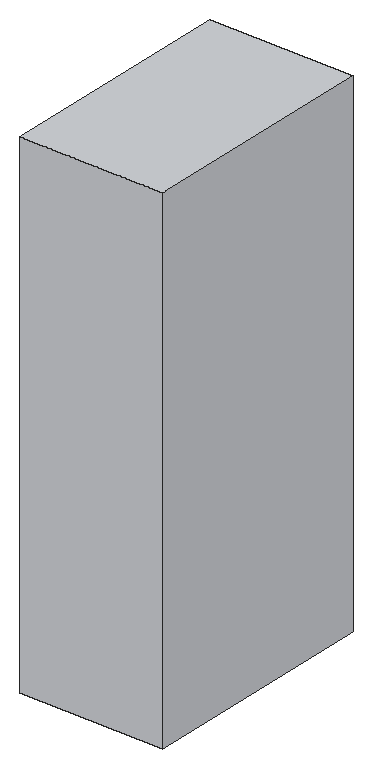
Revit family "第二期車站09_RTU機櫃_600x1000x2100", category 電氣設備, Revit 2025
Family settings
  面板規劃 = 兩欄，回路穿越
  圓形接點標註 = 使用直徑
  組件類型 = 分電盤
  OmniClass 編號 = 23.80.30.11.17
  OmniClass 標題 = Distribution Boards and Control Panels
  以工作平面為基礎 = 否
  總是垂直 = 是
  載入時使用空心切割 = 否
  維持標註方位 = 否
  共用 = 否
  房間計算點 = 否
Parameters (values of type "RTU 與網路機櫃")
  built-in parameter 1155100 [instance] = -1
  Default Elevation = 0 mm
  built-in parameter 1140142 [instance] = -1
  SCADA_高mm [instance] = "2100"
  SCADA_附錄F項次 [instance] = "27"
  SCADA_附錄D項次 [instance] = "18"
  SCADA_編號 [instance] = "P2S09-COMS-RTU-01"
  SCADA_站點 [instance] = "車站 9"
  SCADA_深mm [instance] = "1000"
  SCADA_機櫃類型 [instance] = "RTU 與網路機櫃"
  SCADA_期別 [instance] = "第二期"
  SCADA_房間 [instance] = "COMS/SCADA 設備室"
  SCADA_建物 [instance] = "車站"
  SCADA_尺寸 [instance] = "600W×1000D×2100H"
  SCADA_寬mm [instance] = "600"
  SCADA_定位來源 [instance] = "獨立設備族群（載入專案後定位）"
  SCADA_備註 [instance] = ""
  SCADA_來源文件 [instance] = "Installation SoW_V6（Rev.006, 2026-07-02）附錄 D / F；依原文顏色標示排除已刪除項目"
  SCADA_UPS電源110V [instance] = "雙 UPS 電源（2×4500VA）"
  built-in parameter 1140140 [instance] = 1 (stored number, unit not read)
Reference planes
  plane 1 "中心 (前/後)": y = 0
  plane 2: z = 0
  plane 3 "中心 (左/右)": x = 0
Forms (mm)
  Extrusion 1, solid
    sketch origin (0, 0, 0) x (1, 0, 0) y (0, 1, 0)
      loop
        line (-300, -500) -> (300, -500) -> (300, 500) -> (-300, 500) -> (-300, -500)
    from 0 to 2100
Lines and regions (mm)
  symbolic lines, style "開門線"
    curve 1: line (300, -500, 0) -> (300, -1100, 0)
    curve 2: arc (-300, -500, 0) -> (-124.264, -924.264, 0) -> (300, -1100, 0) r 600
    curve 3: line (-300, 500, 0) -> (-300, 1100, 0)
    curve 4: arc (300, 500, 0) -> (124.264, 924.264, 0) -> (-300, 1100, 0) r 600
Dimensions and locks
  aligned and locked: level to plane 2
